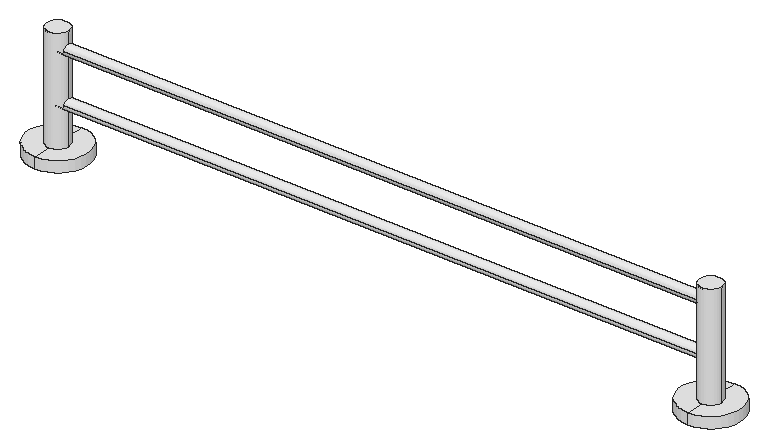
Revit family "Double_Towel_Bar-Grohe-Essentials-40802_Series", category Specialty Equipment, host Face, Revit 2018
Family settings
  Host = Face
  Round Connector Dimension = Use Diameter
  Part Type = Normal
  OmniClass Number = 23.40.20.21.27
  OmniClass Title = Towel Bars
  Cut with Voids When Loaded = No
  Shared = Yes
  Room Calculation Point = No
Parameters (values of type "40802001")
  Width = 10.5 cm  # constant formula
  Warranty Information = "Limited Lifetime Warranty"  # constant formula
  URL = "https://www.grohe.us/"
  Type Comments = ""
  Region = "North America"  # constant formula
  Product Page URL = "https://www.grohe.us/Towel-Bars/24-Inch-Double-Towel-Bar/GROHE-CHROME-40802001"
  Product Documentation Link = "https://americanstandard.box.com/shared/static/f5rfp8qs7xnn86zgajvobntpzh4k0anc.pdf"
  Price = "Prices may vary. Please consult Manufacturer Representative for most up-to-date price list."  # constant formula
  Model = "40802001"
  Material = "Metal-Grohe-001-Starlight_Chrome"
  Manufacturer = "Grohe"  # constant formula
  Length = 60 cm  # constant formula
  Installation Type = "Wall Mounted"  # constant formula
  Height = 5.4 cm  # constant formula
  Description = "ESSENTIALS 654mm Double Towel Bar"  # constant formula
  Default Elevation = 0 cm
  Creation Date = "06/04/2021"  # constant formula
  Body Material = Metal-Grohe-001-Starlight_Chrome
  Assembly Code = "D2010710"
Types (3, lengths in cm): name | Product Page URL | Model | Material | Body Material
  (no name) | "https://www.grohe.us/Towel-Bars/24-Inch-Double-Towel-Bar/GROHE-CHROME-40802001" | "40802001" | "Metal-Grohe-001-Starlight_Chrome" | Metal-Grohe-001-Starlight_Chrome
  40802001 | "https://www.grohe.us/Towel-Bars/24-Inch-Double-Towel-Bar/GROHE-CHROME-40802001" | "40802001" | "Metal-Grohe-001-Starlight_Chrome" | Metal-Grohe-001-Starlight_Chrome
  40802EN1 | "https://www.grohe.us/Towel-Bars/24-Inch-Double-Towel-Bar/BRUSHED-NICKEL-40802EN1" | "40802EN1" | "Metal-Grohe-EN1-Brushed_Nickel" | Metal-Grohe-EN1-Brushed_Nickel
Reference planes (cm)
  plane 1 "Center (Front/Back)": y = 0
  plane 2: z = 0
  plane 3 "Center (Left/Right)": x = 0
  plane 4: x = 30
  plane 5: x = -30
  plane 6: x = -27.3
  plane 7: x = -32.7
  plane 8: x = 27.3
  plane 9: x = 32.7
  plane 10: z = 10.5
  plane 11: y = -2.7
  plane 12: y = 2.7
  plane 13: z = 1
  plane 14: z = 4.5
  plane 15: z = 9
Forms (cm)
  Revolve 1, solid, material "Metal-Grohe-001-Starlight_Chrome" <- "Body Material"
    sketch origin (-30, 0, 0) x (0, 1, 0) y (0, 0, 1)
      loop
        line (0, 0) -> (0, 1) -> (-2.7, 1) -> (-2.7, 0) -> (0, 0)
      axis (0, 0) -> (0, 1)
    angle from 0 to 360
  Revolve 2, solid, material "Metal-Grohe-001-Starlight_Chrome" <- "Body Material"
    sketch origin (30, 0, 0) x (0, 1, 0) y (0, 0, 1)
      loop
        line (0, 0) -> (0, 1) -> (-2.7, 1) -> (-2.7, 0) -> (0, 0)
      axis (0, 0) -> (0, 1)
    angle from 0 to 360
  Extrusion 3, solid, material "Metal-Grohe-001-Starlight_Chrome" <- "Body Material"
    sketch origin (0, 0, 0) x (1, 0, 0) y (0, 1, 0)
      loop
        circle (-30, 0) r 1
    from 1 to 10.5
  Extrusion 4, solid, material "Metal-Grohe-001-Starlight_Chrome" <- "Body Material"
    sketch origin (60, 0, 0) x (1, 0, 0) y (0, 1, 0)
      loop
        circle (-30, 0) r 1
    from 1 to 10.5
  Extrusion 5, solid, material "Metal-Grohe-001-Starlight_Chrome" <- "Body Material"
    sketch origin (0, 0, 0) x (0, 1, 0) y (0, 0, 1)
      loop
        circle (0, 9) r 0.5
      loop
        circle (0, 4.5) r 0.5
    from -30 to 30
Lines and regions (cm)
  Masking region 1
    outline origin (0, 0, 0) x (1, 0, 0) y (0, 0, 1)
      loop
        line (31, 1) -> (31, 10.5) -> (29, 10.5) -> (29, 9.5) -> (-29, 9.5) -> (-29, 10.5) -> (-31, 10.5) -> (-31, 1) -> (-32.7, 1) -> (-32.7, 0) -> (-27.3, 0) -> (-27.3, 1) -> (-29, 1) -> (-29, 4) -> (29, 4) -> (29, 1) -> (27.3, 1) -> (27.3, 0) -> (32.7, 0) -> (32.7, 1) -> (31, 1)
      loop
        line (29, 5) -> (29, 8.5) -> (-29, 8.5) -> (-29, 5) -> (29, 5)
  symbolic lines, detail levels fine
    curve 1: line (-29, 0, 8.5) -> (-29, 0, 9.5)
    curve 2: line (-29, 0, 5) -> (-29, 0, 4)
    curve 3: line (29, 0, 8.5) -> (29, 0, 9.5)
    curve 4: line (29, 0, 5) -> (29, 0, 4)
Dimensions and locks (cm)
  locked: host face to plane 13 at 1
  "Length": plane 5 to plane 4
  "Height": plane 11 to plane 12
  "Width": host face to plane 10
  aligned and locked: plane 2 to host face
  aligned and locked: level to host face
  aligned and locked: plane 4 to Revolve 2
  aligned and locked: Extrusion 3 to plane 10
  aligned and locked: plane 13 to Extrusion 3
  aligned and locked: plane 4 to Extrusion 4 sketch curve
  aligned and locked: plane 5 to Extrusion 3 sketch curve
  aligned and locked: plane 15 to Extrusion 5 sketch curve
  aligned and locked: Extrusion 3 to Extrusion 4
Automatic sketch dimensions
  plane 5 to curve 1 = 1 cm
  curve 4 to plane 14 = 0.5 cm
  plane 5 to curve 2 = 1 cm
  curve 3 to plane 4 = 1 cm
  curve 4 to plane 4 = 1 cm
  curve 2 to plane 14 = 0.5 cm
  plane 14 to curve 2 = 0.5 cm
  plane 14 to curve 4 = 0.5 cm
  curve 3 to plane 15 = 0.5 cm
  curve 1 to plane 15 = 0.5 cm
  plane 15 to curve 3 = 0.5 cm
  plane 15 to curve 1 = 0.5 cm
  host sketch curve to host sketch curve = 243.84 cm  (x2)
  Revolve 1 sketch curve to level = 0 cm
  Revolve 1 sketch curve to plane 11 = 0 cm
  Revolve 1 sketch curve to plane 1 "Center (Front/Back)" = 0 cm  (x2)
  plane 13 to Revolve 1 sketch curve = 0 cm
  Revolve 1 sketch curve to plane 13 = 0.5 cm
  Revolve 1 sketch curve to Revolve 1 sketch curve = 0.6884 cm
  Revolve 2 sketch curve to level = 0 cm
  Revolve 2 sketch curve to plane 11 = 0 cm
  Revolve 2 sketch curve to plane 1 "Center (Front/Back)" = 0 cm  (x2)
  plane 13 to Revolve 2 sketch curve = 0 cm
  Revolve 2 sketch curve to plane 13 = 0.5 cm
  Revolve 2 sketch curve to Revolve 2 sketch curve = 0.6884 cm
  plane 1 "Center (Front/Back)" to Extrusion 3 sketch curve = 0 cm
  plane 1 "Center (Front/Back)" to Extrusion 4 sketch curve = 0 cm
  Extrusion 5 sketch curve to plane 1 "Center (Front/Back)" = 0 cm  (x2)
  Extrusion 5 sketch curve to plane 14 = 0 cm
  Masking region 1 sketch curve to plane 7 = 0 cm
  Masking region 1 sketch curve to plane 10 = 0 cm  (x2)
  Masking region 1 sketch curve to plane 13 = 0 cm  (x4)
  Masking region 1 sketch curve to level = 0 cm  (x2)
  Masking region 1 sketch curve to plane 6 = 0 cm
  Masking region 1 sketch curve to plane 8 = 0 cm
  Masking region 1 sketch curve to plane 9 = 0 cm
  Masking region 1 sketch curve to plane 5 = 1 cm
  plane 5 to Masking region 1 sketch curve = 1 cm  (x3)
  Masking region 1 sketch curve to plane 4 = 1 cm  (x2)
  Masking region 1 sketch curve to Masking region 1 sketch curve = 0 cm
  plane 4 to Masking region 1 sketch curve = 1 cm
  Masking region 1 sketch curve to plane 14 = 0.5 cm
  plane 14 to Masking region 1 sketch curve = 0.5 cm
  Masking region 1 sketch curve to plane 15 = 0.5 cm
  plane 15 to Masking region 1 sketch curve = 0.5 cm
  radius of Extrusion 3 sketch curve = 1 cm
  radius of Extrusion 4 sketch curve = 1 cm
  radius of Extrusion 5 sketch curve = 0.5 cm  (x2)
